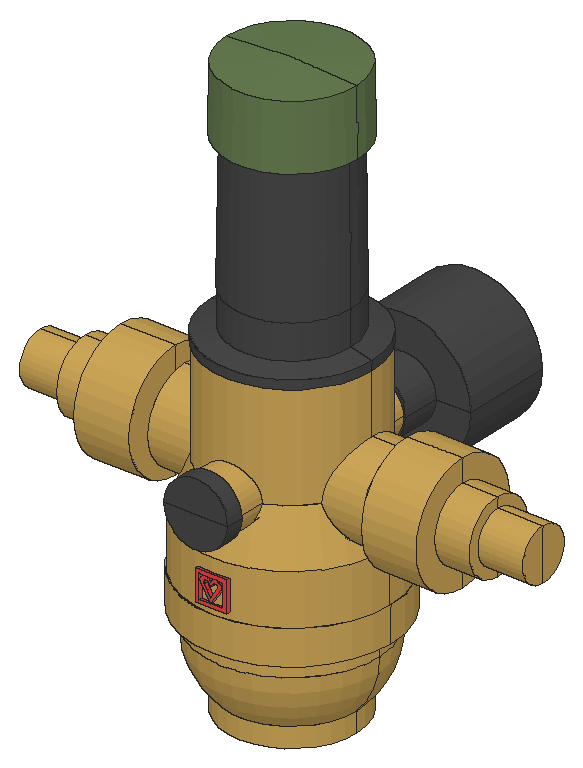
Revit family "HERZ Diaphragm Pressure Reducing Valve With Brass Cap 2682", category Rohrzubehör, Revit 2020
Family settings
  Bemaßung runder Anschluss = Durchmesser verwenden
  Teiletyp = Unterbricht
  OmniClass-Nummer = 23.65.55.14
  OmniClass-Titel = Valves for Liquid Services
  Arbeitsebenenbasiert = Nein
  Immer vertikal = Ja
  Beim Laden mit Abzugskörper schneiden = Nein
  Gemeinsam genutzt = Nein
Parameters (values of type "Manometer back")
  Vorgabe-Ansicht = 0.000 mm
  Part number [instance] = size_lookup("2682_M_", "Artnr", 0, Nennweite)  # 1268221
  Note = "Pursuant to Article 33 of the REACH Regulation (EC No. 1907/2006), we are obliged to point out that the material lead is listed on the SVHC list and that all brass components manufactured in our products exceed 0.1% (w / w) lead (CAS: 7439-92-1 / EINECS: 231-100-4).\r\nSince lead is a component part of an alloy, actual exposure is not possible and therefore no additional information on safe use is necessary."
  Max. operating temperature = 70 °C  # constant formula
  Factory settings = 300000.0 Pa  # constant formula
  W01 = 91.00°  # constant formula
  Vorne [instance] = no
  VRL03 [instance] = size_lookup("2682_M_", "VRL3", 1.000 mm, Nennweite)  # 23.500 mm
  VRL02 [instance] = size_lookup("2682_M_", "VRL2", 1.000 mm, Nennweite)  # 16.000 mm
  VRL01 [instance] = size_lookup("2682_M_", "VRL1", 1.000 mm, Nennweite)  # 73.500 mm
  VRD02 [instance] = size_lookup("2682_M_", "VRD2", 1.000 mm, Nennweite)  # 17.000 mm
  VRD01 [instance] = size_lookup("2682_M_", "VRD1", 1.000 mm, Nennweite)  # 10.500 mm
  VRAG [instance] = Nennweite / 2  # 7.500 mm
  URL = "www.herzvalves.com"
  Standard = "EN 1567"  # constant formula
  Spring = "spring steel"  # constant formula
  SC_NennweiteBerechnet = 0
  SC_Dimension = ""
  SCTWSEQ = "AW;SBT_TYP_AW=\"111\";2"
  SCTWCODE = "04;24;02"  # constant formula
  S02 = 10.000 mm  # constant formula
  S01 [instance] = VRD02 * 2  # 34.000 mm
  R07 [instance] = R05 + 0.800 mm  # 9.300 mm
  R06 = 19.500 mm  # constant formula
  R05 [instance] = size_lookup("2682_M_", "R5", 1.000 mm, Nennweite)  # 8.500 mm
  R04 [instance] = size_lookup("2682_M_", "R4", 1.000 mm, Nennweite)  # 18.900 mm
  R03 [instance] = size_lookup("2682_M_", "R3", 1.000 mm, Nennweite)  # 19.250 mm
  R02 [instance] = size_lookup("2682_M_", "R2", 1.000 mm, Nennweite)  # 28.750 mm
  R01 [instance] = size_lookup("2682_M_", "R1", 1.000 mm, Nennweite)  # 23.250 mm
  Upper part = "PA6.6"  # constant formula
  Nennweite [instance] = 15.000 mm
  Handle = "PA 6.6, green"  # constant formula
  Diaphragm = "EPDM"  # constant formula
  Medium = "water"  # constant formula
  Max. inlet pressure = 1600000.0 Pa  # constant formula
  Manometer scale = "0 - 10 bar"  # constant formula
  Pressure gauge connectors = "1/4\" F (ISO 228-1)"
  LO01 [instance] = H02 - 2.000 mm  # 27.000 mm
  L01 [instance] = size_lookup("2682_M_", "L1", 1.000 mm, Nennweite)  # 10.600 mm
  L00 [instance] = size_lookup("2682_M_", "L", 1.000 mm, Nennweite)  # 84.000 mm
  Bottom cover = "brass CW626N"  # constant formula
  Hinten [instance] = yes
  Hersteller = "HERZ Armaturen Ges.m.b.H."  # constant formula
  H12 [instance] = size_lookup("2682_M_", "H12", 1.000 mm, Nennweite)  # 5.800 mm
  H11 [instance] = size_lookup("2682_M_", "H11", 1.000 mm, Nennweite)  # 10.000 mm
  H10 [instance] = size_lookup("2682_M_", "H10", 1.000 mm, Nennweite)  # 37.000 mm
  H09 [instance] = H01 + H04 - H05  # 84.500 mm
  H08 [instance] = size_lookup("2682_M_", "H8", 1.000 mm, Nennweite)  # 20.000 mm
  H07 [instance] = size_lookup("2682_M_", "H7", 1.000 mm, Nennweite)  # 10.000 mm
  H06 [instance] = size_lookup("2682_M_", "H6", 1.000 mm, Nennweite)  # 2.500 mm
  H05 [instance] = size_lookup("2682_M_", "H5", 1.000 mm, Nennweite)  # 4.700 mm
  H04 [instance] = size_lookup("2682_M_", "H4", 1.000 mm, Nennweite)  # 58.700 mm
  H03 [instance] = D02 + 1.000 mm  # 14.220 mm
  H02 [instance] = size_lookup("2682_M_", "H2", 1.000 mm, Nennweite)  # 29.000 mm
  H01 [instance] = size_lookup("2682_M_", "H1", 1.000 mm, Nennweite)  # 30.500 mm
  GT1 [instance] = size_lookup("2682_M_", "GT1", 1.000 mm, Nennweite)  # 12.000 mm
  GT [instance] = size_lookup("2682_M_", "GT", 1.000 mm, Nennweite)  # 13.200 mm
  Filter = "stainless steel, mesh size 0.3 mm"  # constant formula
  Spring guide = "stainless steel"  # constant formula
  Outlet pressure range = "1.5 - 6 bar"  # constant formula
  Sealing = "EPDM"  # constant formula
  D09 [instance] = size_lookup("2682_M_", "D9", 1.000 mm, Nennweite)  # 19.000 mm
  D08 [instance] = size_lookup("2682_M_", "D8", 1.000 mm, Nennweite)  # 25.800 mm
  D07 [instance] = size_lookup("2682_M_", "D7", 1.000 mm, Nennweite)  # 29.000 mm
  D06 [instance] = size_lookup("2682_M_", "D6", 1.000 mm, Nennweite)  # 16.000 mm
  D05 [instance] = size_lookup("2682_M_", "D5", 1.000 mm, Nennweite)  # 16.800 mm
  D04 [instance] = size_lookup("2682_M_", "D4", 1.000 mm, Nennweite)  # 17.300 mm
  D03 [instance] = size_lookup("2682_M_", "D3", 1.000 mm, Nennweite)  # 23.500 mm
  D02 [instance] = size_lookup("2682_M_", "D2", 1.000 mm, Nennweite)  # 13.220 mm
  D01 [instance] = size_lookup("2682_M_", "D1", 1.000 mm, Nennweite)  # 9.525 mm
  Body = "forged brass acc. to EN 12165; CW626N"  # constant formula
  B03 = 5.000 mm  # constant formula
  B02 = 26.000 mm  # constant formula
  B01 [instance] = size_lookup("2682_M_", "B1", 1.000 mm, Nennweite)  # 30.000 mm
  B00 [instance] = size_lookup("2682_M_", "B", 1.000 mm, Nennweite)  # 67.000 mm
  External thread = "acc. to ISO 7-1 and ISO228"  # constant formula
  Application = "The pressure reducing valve protects installations against over pressure (reduces input pressure to a working level).\r\nIt can also be used in heating systems to protect boiler against increased pressure.\r\nThe outlet pressure is adjustable and does not vary with changes of the inlet pressure.\r\nThe outlet pressure can be adjusted by turning the green handle.\r\nTurning the handle clockwise increases the outlet pressure.\r\nTurning above the stated values on the pressure reducer scale may damage the valve.\r\nWe recommend the max. outlet pressure of 4 bar for private house installations (product long life, costs,...).\r\nAfter each new setting of the outlet pressure, the regulated pipe has to be opened and closed."
Types (3, lengths in mm): name | Vorne | Hinten
  (no name) | no | yes
  Manometer front | yes | no
  Manometer back | no | yes
Reference planes
  plane 1 "Mitte (Vorne/hinten)": y = 0
  plane 2: z = 0
  plane 3 "Mitte (Links/rechts)": x = 0
Forms (mm)
  Revolve 1, solid, material "Messing, weicher Gelbton, geschweißt", detail levels fine
    sketch origin (0, 0, 0) x (1, 0, 0) y (0, 0, 1)
      loop
        line (-42, 0) -> (42, 0) -> (42, 9.525) -> (31.4, 9.525) -> (31.4, 13.22) -> (-31.4, 13.22) -> (-31.4, 9.525) -> (-42, 9.525) -> (-42, 0)
      axis (-42, 0) -> (42, 0)
    angle from 0 to 360
  Revolve 2, solid, material "Messing, weicher Gelbton, geschweißt", detail levels fine
    sketch origin (0, 0, 0) x (1, 0, 0) y (0, 0, 1)
      loop
        line (0, -29) -> (28.75, -29) -> (28.75, -14.22) -> (23.25, 0) -> (23.25, 30.5) -> (0, 30.5) -> (0, -29)
      axis (0, 30.5) -> (0, -29)
    angle from 0 to 360
  Revolve 3, solid, material "Acetalharz, Schwarz", detail levels fine
    sketch origin (0, 0, 0) x (1, 0, 0) y (0, 0, 1)
      loop
        line (0, 30.5) -> (0, 89.2) -> (-16, 89.2) -> (-16, 84.5) -> (-16.8, 84.5) -> (-17.3, 44.5) -> (-17.3, 34.5) -> (-23.5, 33) -> (-23.5, 30.5) -> (0, 30.5)
      axis (0, 89.2) -> (0, 30.5)
    angle from 0 to 360
  Revolve 4, solid, material "Kunststoff GRÜN", detail levels fine
    sketch origin (0, 0, 0) x (1, 0, 0) y (0, 0, 1)
      loop
        line (0, 84.5) -> (19.25, 84.5) -> (18.9, 103.392)
        arc (18.9, 103.392) -> (9.466, 104.223) -> (0, 104.5) r 161.794
        line (0, 104.5) -> (0, 84.5)
      axis (0, 104.5) -> (0, 84.5)
    angle from 0 to 360
  Revolve 5, solid, material "Messing, weicher Gelbton, geschweißt", detail levels fine
    sketch origin (0, 0, 0) x (1, 0, 0) y (0, 0, 1)
      loop
        line (0, -29) -> (0, -66) -> (19, -66) -> (19, -60.2)
        arc (19, -60.2) -> (24.034, -52.577) -> (25.8, -43.615) r 23.626
        line (25.8, -43.615) -> (25.8, -39) -> (29, -39) -> (29, -29) -> (0, -29)
      axis (0, -29) -> (0, -66)
    angle from 0 to 360
  Revolve 6, solid, material "Messing, weicher Gelbton, geschweißt", detail levels fine
    sketch origin (0, 0, 0) x (1, 0, 0) y (0, 0, 1)
      loop
        line (34, 9.525) -> (46, 9.525) -> (46, 0) -> (73.5, 0) -> (73.5, 7.5) -> (60.3, 7.5) -> (60.3, 10.5) -> (50, 10.5) -> (50, 17) -> (34, 17) -> (34, 9.525)
      loop
        line (-34, 9.525) -> (-34, 17) -> (-50, 17) -> (-50, 10.5) -> (-60.3, 10.5) -> (-60.3, 7.5) -> (-73.5, 7.5) -> (-73.5, 0) -> (-46, 0) -> (-46, 9.525) -> (-34, 9.525)
      axis (-73.5, 0) -> (73.5, 0)
    angle from 0 to 360
  Revolve 7, solid, material "Messing, weicher Gelbton, geschweißt", detail levels fine
    sketch origin (0, 0, 0) x (1, 0, 0) y (0, 1, 0)
      loop
        line (0, 30) -> (0, -30) -> (8.5, -30) -> (8.5, 30) -> (0, 30)
      axis (0, 30) -> (0, -30)
    angle from 0 to 360
  Revolve 8, solid, material "Acetalharz, Schwarz", visible <- "Vorne", detail levels fine
    sketch origin (0, 0, 0) x (1, 0, 0) y (0, 1, 0)
      loop
        line (0, -30) -> (0, -65) -> (17.5, -65) -> (17.5, -67) -> (19.5, -67) -> (19.5, -41) -> (9.3, -41) -> (9.3, -30) -> (0, -30)
      axis (0, -30) -> (0, -67)
    angle from 0 to 360
  Revolve 9, solid, material "Acetalharz, Schwarz", visible <- "Vorne", detail levels fine
    sketch origin (0, 0, 0) x (1, 0, 0) y (0, 1, 0)
      loop
        line (0, 30) -> (9.3, 30) -> (9.3, 35) -> (0, 35) -> (0, 30)
      axis (0, 35) -> (0, 30)
    angle from 0 to 360
  Revolve 10, solid, material "Acetalharz, Schwarz", visible <- "Hinten", detail levels fine
    sketch origin (0, 0, 0) x (1, 0, 0) y (0, -1, 0)
      loop
        line (0, 30) -> (9.3, 30) -> (9.3, 35) -> (0, 35) -> (0, 30)
      axis (0, 35) -> (0, 30)
    angle from 0 to 360
  Revolve 11, solid, material "Acetalharz, Weiß", visible <- "Vorne", detail levels fine
    sketch origin (0, 0, 0) x (1, 0, 0) y (0, 1, 0)
      loop
        line (0, -65) -> (0, -66.5) -> (17.5, -66.5) -> (17.5, -65) -> (0, -65)
      axis (0, -65) -> (0, -66.5)
    angle from 0 to 360
  Revolve 12, solid, material "Acetalharz, Schwarz", visible <- "Hinten", detail levels fine
    sketch origin (0, 0, 0) x (1, 0, 0) y (0, -1, 0)
      loop
        line (0, -30) -> (0, -65) -> (17.5, -65) -> (17.5, -67) -> (19.5, -67) -> (19.5, -41) -> (9.3, -41) -> (9.3, -30) -> (0, -30)
      axis (0, -30) -> (0, -67)
    angle from 0 to 360
  Revolve 13, solid, material "Acetalharz, Weiß", visible <- "Hinten", detail levels fine
    sketch origin (0, 0, 0) x (1, 0, 0) y (0, -1, 0)
      loop
        line (0, -65) -> (0, -66.5) -> (17.5, -66.5) -> (17.5, -65) -> (0, -65)
      axis (0, -65) -> (0, -66.5)
    angle from 0 to 360
Lines and regions (mm)
  model lines, detail levels coarse+medium
    curve 1: line (-42, 0, -17) -> (-42, 0, 17)
    curve 2: line (-42, 0, 17) -> (42, 0, -34)
    curve 3: line (42, 0, -34) -> (42, 0, 34)
    curve 4: line (42, 0, 34) -> (-42, 0, -17)
    curve 5: line (-42, 0, 17) -> (-52, 0, 17)
    curve 6: line (-52, 0, 17) -> (-42, 0, 0)
    curve 7: line (-42, 0, -17) -> (-52, 0, -17)
    curve 8: line (-52, 0, -17) -> (-42, 0, 0)
    curve 9: line (-42, 0, 0) -> (-73.5, 0, 0)
    curve 10: line (42, 0, 17) -> (52, 0, 17)
    curve 11: line (52, 0, 17) -> (42, 0, 0)
    curve 12: line (42, 0, -17) -> (52, 0, -17)
    curve 13: line (52, 0, -17) -> (42, 0, 0)
    curve 14: line (42, 0, 0) -> (73.5, 0, 0)
    curve 15: line (-42, -17, 0) -> (-42, 17, 0)
    curve 16: line (-42, 17, 0) -> (42, -34, 0)
    curve 17: line (42, -34, 0) -> (42, 34, 0)
    curve 18: line (42, 34, 0) -> (-42, -17, 0)
    curve 19: line (-42, 17, 0) -> (-52, 17, 0)
    curve 20: line (-52, 17, 0) -> (-42, 0, 0)
    curve 21: line (-42, -17, 0) -> (-52, -17, 0)
    curve 22: line (-52, -17, 0) -> (-42, 0, 0)
    curve 23: line (42, 0, -17) -> (42, 0, 17)
    curve 24: line (42, 0, 17) -> (52, 0, 17)
    curve 25: line (52, 0, 17) -> (42, 0, 0)
    curve 26: line (42, 17, 0) -> (52, 17, 0)
    curve 27: line (52, 17, 0) -> (42, 0, 0)
    curve 28: line (42, -17, 0) -> (52, -17, 0)
    curve 29: line (52, -17, 0) -> (42, 0, 0)
Dimensions and locks
  equal spacing: Revolve 1 sketch curve, plane 3 "Mitte (Links/rechts)", Revolve 1 sketch curve
  "L00": Revolve 1 sketch curve to Revolve 1 sketch curve
  "L01": Revolve 1 sketch curve to Revolve 1 sketch curve  (x2)
  "D01": Revolve 1 sketch curve to Revolve 1 sketch curve  (x2)
  "D02": Revolve 1 sketch curve to plane 2
  "R01": Revolve 2 sketch curve to Revolve 2 sketch curve
  "R02": Revolve 2 sketch curve to Revolve 2 sketch curve
  "H01": Revolve 2 sketch curve to plane 2
  "H02": plane 2 to Revolve 2 sketch curve
  "H03": plane 2 to Revolve 2 sketch curve
  "H01": Revolve 3 sketch curve to plane 2
  "H04": Revolve 3 sketch curve to Revolve 3 sketch curve
  "H05": Revolve 3 sketch curve to Revolve 3 sketch curve
  "H06": Revolve 3 sketch curve to Revolve 3 sketch curve
  "H07": Revolve 3 sketch curve to Revolve 3 sketch curve
  "D03": Revolve 3 sketch curve to Revolve 3 sketch curve
  "D04": Revolve 3 sketch curve to Revolve 3 sketch curve
  "D05": Revolve 3 sketch curve to Revolve 3 sketch curve
  "D06": Revolve 3 sketch curve to Revolve 3 sketch curve
  "R03": Revolve 4 sketch curve to Revolve 4 sketch curve
  "H08": Revolve 4 sketch curve to Revolve 4 sketch curve
  "R04": Revolve 4 sketch curve to plane 3 "Mitte (Links/rechts)"
  "H09": Revolve 4 sketch curve to plane 2
  "H10": Revolve 5 sketch curve to Revolve 5 sketch curve
  "H02": plane 2 to Revolve 5 sketch curve
  "D07": Revolve 5 sketch curve to Revolve 5 sketch curve
  "H11": Revolve 5 sketch curve to Revolve 5 sketch curve
  "D08": Revolve 5 sketch curve to Revolve 5 sketch curve
  "H12": Revolve 5 sketch curve to Revolve 5 sketch curve
  "D09": Revolve 5 sketch curve to Revolve 5 sketch curve
  "VRL02": Revolve 6 sketch curve to Revolve 6 sketch curve  (x2)
  "VRL01": Revolve 6 sketch curve to plane 3 "Mitte (Links/rechts)"
  "GT": Revolve 6 sketch curve to Revolve 6 sketch curve  (x2)
  "VRL03": Revolve 6 sketch curve to Revolve 6 sketch curve  (x2)
  "D01": Revolve 6 sketch curve to plane 2  (x2)
  "GT1": Revolve 6 sketch curve to Revolve 6 sketch curve  (x2)
  "VRAG": Revolve 6 sketch curve to plane 2  (x2)
  "VRD01": Revolve 6 sketch curve to plane 2  (x2)
  "VRD02": Revolve 6 sketch curve to Revolve 6 sketch curve  (x2)
  "VRL01": plane 3 "Mitte (Links/rechts)" to Revolve 6 sketch curve
  "B01": Revolve 7 sketch curve to plane 1 "Mitte (Vorne/hinten)" to Revolve 7 sketch curve
  "R05": Revolve 7 sketch curve to Revolve 7 sketch curve
  "B00": Revolve 8 sketch curve to plane 1 "Mitte (Vorne/hinten)"
  "B01": plane 1 "Mitte (Vorne/hinten)" to Revolve 8 sketch curve
  "B02": Revolve 8 sketch curve to Revolve 8 sketch curve
  "R06": Revolve 8 sketch curve to Revolve 8 sketch curve
  "R07": Revolve 8 sketch curve to Revolve 8 sketch curve
  "R02": nested 1 to plane 1 "Mitte (Vorne/hinten)"
  "LO01": plane 2 to nested 1
  "VRD02": curve 2 to plane 2 to curve 4
  "S01": curve 4 to plane 2 to curve 3
  equal spacing: curve 3, plane 3 "Mitte (Links/rechts)", curve 1
  "L00": curve 3 to curve 1
  "S02": curve 1 to curve 6
  "S02": curve 1 to curve 8
  "VRL01": plane 3 "Mitte (Links/rechts)" to curve 9
  "S02": curve 11 to curve 3
  "S02": curve 13 to curve 3
  "VRL01": curve 14 to plane 3 "Mitte (Links/rechts)"
  "VRD02": curve 10 to plane 2 to curve 12
  equal spacing: curve 15, plane 3 "Mitte (Links/rechts)", curve 17
  "L00": curve 15 to curve 17
  "VRD02": curve 18 to plane 1 "Mitte (Vorne/hinten)" to curve 16
  "S01": curve 17 to plane 1 "Mitte (Vorne/hinten)" to curve 18
  "S02": curve 20 to curve 15
  "S02": curve 22 to curve 15
  "S02": curve 17 to curve 27
  "S02": curve 17 to curve 29
  "VRD02": curve 28 to plane 1 "Mitte (Vorne/hinten)" to curve 26
  "R07": Revolve 9 sketch curve to Revolve 9 sketch curve
  "B03": Revolve 9 sketch curve to Revolve 9 sketch curve
  "B01": plane 1 "Mitte (Vorne/hinten)" to Revolve 9 sketch curve
  "R07": Revolve 10 sketch curve to Revolve 10 sketch curve
  "B03": Revolve 10 sketch curve to Revolve 10 sketch curve
  "B01": Revolve 10 sketch curve to plane 1 "Mitte (Vorne/hinten)"
  "B02": Revolve 12 sketch curve to Revolve 12 sketch curve
  "R06": Revolve 12 sketch curve to Revolve 12 sketch curve
  "R07": Revolve 12 sketch curve to Revolve 12 sketch curve
  aligned and locked: level to plane 2
Automatic sketch dimensions
  Revolve 11 sketch curve to plane 3 "Mitte (Links/rechts)" = 0.000 mm  (x2)
  plane 3 "Mitte (Links/rechts)" to Revolve 11 sketch curve = 17.500 mm
  plane 1 "Mitte (Vorne/hinten)" to Revolve 11 sketch curve = 66.500 mm
  Revolve 11 sketch curve to Revolve 11 sketch curve = 1.500 mm
  Revolve 11 sketch curve to Revolve 11 sketch curve = 1933.500 mm
  Revolve 11 sketch curve to plane 1 "Mitte (Vorne/hinten)" = 2000.000 mm
  Revolve 13 sketch curve to plane 3 "Mitte (Links/rechts)" = 0.000 mm  (x2)
  Revolve 13 sketch curve to plane 3 "Mitte (Links/rechts)" = 17.500 mm
  plane 1 "Mitte (Vorne/hinten)" to Revolve 13 sketch curve = 66.500 mm
  Revolve 13 sketch curve to Revolve 13 sketch curve = 1.500 mm
  Revolve 13 sketch curve to Revolve 13 sketch curve = 1933.500 mm
  Revolve 13 sketch curve to plane 1 "Mitte (Vorne/hinten)" = 2000.000 mm
  curve 25 to level = 0.000 mm
  curve 14 to level = 0.000 mm
  curve 6 to level = 0.000 mm
  curve 8 to level = 0.000 mm
  curve 24 to curve 10 = 0.000 mm
  plane 1 "Mitte (Vorne/hinten)" to curve 29 = 0.000 mm
  plane 1 "Mitte (Vorne/hinten)" to curve 20 = 0.000 mm
  Revolve 1 sketch curve to level = 0.000 mm  (x2)
  Revolve 1 sketch curve to Revolve 1 sketch curve = 1464.530 mm
  Revolve 1 sketch curve to Revolve 1 sketch curve = 1797.148 mm
  Revolve 2 sketch curve to plane 3 "Mitte (Links/rechts)" = 0.000 mm  (x2)
  Revolve 2 sketch curve to level = 0.000 mm
  Revolve 2 sketch curve to Revolve 2 sketch curve = 337.045 mm
  Revolve 2 sketch curve to Revolve 2 sketch curve = 2183.815 mm
  Revolve 3 sketch curve to plane 3 "Mitte (Links/rechts)" = 0.000 mm  (x2)
  Revolve 3 sketch curve to Revolve 3 sketch curve = 1.500 mm
  Revolve 3 sketch curve to level = 366.045 mm
  Revolve 3 sketch curve to Revolve 3 sketch curve = 2125.115 mm
  Revolve 4 sketch curve to plane 3 "Mitte (Links/rechts)" = 0.000 mm  (x2)
  Revolve 4 sketch curve to level = 57.294 mm
  Revolve 4 sketch curve to Revolve 4 sketch curve = 308.751 mm
  Revolve 4 sketch curve to Revolve 4 sketch curve = 2109.815 mm
  Revolve 5 sketch curve to plane 3 "Mitte (Links/rechts)" = 0.000 mm  (x2)
  plane 3 "Mitte (Links/rechts)" to Revolve 5 sketch curve = 2.174 mm
  Revolve 5 sketch curve to Revolve 5 sketch curve = 300.045 mm
  level to Revolve 5 sketch curve = 2214.315 mm
  Revolve 6 sketch curve to level = 0.000 mm  (x3)
  Revolve 6 sketch curve to Revolve 6 sketch curve = 1433.030 mm
  Revolve 6 sketch curve to Revolve 6 sketch curve = 1765.648 mm
  Revolve 7 sketch curve to plane 3 "Mitte (Links/rechts)" = 0.000 mm  (x2)
  Revolve 7 sketch curve to Revolve 7 sketch curve = 1950.000 mm  (x2)
  Revolve 8 sketch curve to plane 3 "Mitte (Links/rechts)" = 0.000 mm  (x2)
  Revolve 8 sketch curve to Revolve 8 sketch curve = 2.000 mm  (x2)
  Revolve 8 sketch curve to Revolve 8 sketch curve = 1936.000 mm
  Revolve 8 sketch curve to plane 1 "Mitte (Vorne/hinten)" = 2000.000 mm
  Revolve 9 sketch curve to plane 3 "Mitte (Links/rechts)" = 0.000 mm  (x2)
  plane 1 "Mitte (Vorne/hinten)" to Revolve 9 sketch curve = 2000.000 mm
  Revolve 9 sketch curve to Revolve 9 sketch curve = 1963.669 mm
  Revolve 10 sketch curve to plane 3 "Mitte (Links/rechts)" = 0.000 mm  (x2)
  plane 1 "Mitte (Vorne/hinten)" to Revolve 10 sketch curve = 2000.000 mm
  Revolve 10 sketch curve to Revolve 10 sketch curve = 1963.669 mm
  Revolve 12 sketch curve to plane 3 "Mitte (Links/rechts)" = 0.000 mm  (x2)
  Revolve 12 sketch curve to Revolve 12 sketch curve = 2.000 mm  (x2)
  plane 1 "Mitte (Vorne/hinten)" to Revolve 12 sketch curve = 67.000 mm
  Revolve 12 sketch curve to Revolve 12 sketch curve = 11.000 mm
  Revolve 12 sketch curve to Revolve 12 sketch curve = 1936.000 mm
  Revolve 12 sketch curve to plane 1 "Mitte (Vorne/hinten)" = 2000.000 mm
Nested families
  nested 1: "Herz-Logo-vorne" at (0, -28.75, -22.5) x (0, 1, 0) z (0, 0, 1), type "Herz-Logo-vorne", detail levels fine
Connectors
  piping at (73.5, 0, 0), diameter 15, driven by "Nennweite"
    settings: on Revolve 6, index 1, connector inside diameter 609.6 mm, connector length 0.000 mm, flow factor 0, pipe flow 0.0 L/s, pressure drop 0.0 Pa, fitting loss kfactor 0, connector angle 0.00°, fixture units 0, engagement length 0.000 mm, angle of deflection 0.00°, flow configuration 0, flow direction 2, fitting loss method 0, system type 29, joint type 0, gender type 0, connector reference index -1, connector utility 0, adjustable connector no, is connector primary yes, connector description ""
  piping at (-73.5, 0, 0), diameter 15, driven by "Nennweite"
    settings: on Revolve 6, index 2, connector inside diameter 609.6 mm, connector length 0.000 mm, flow factor 0, pipe flow 0.0 L/s, pressure drop 0.0 Pa, fitting loss kfactor 0, connector angle 0.00°, fixture units 0, engagement length 0.000 mm, angle of deflection 0.00°, flow configuration 0, flow direction 1, fitting loss method 0, system type 29, joint type 0, gender type 0, connector reference index -1, connector utility 0, adjustable connector no, is connector primary no, connector description ""
Definition of nested family "Herz-Logo-vorne"
  Parameters (values of type "Herz-Logo-vorne")
    Default Elevation = 0.000 mm
  Reference planes
    plane 1 "Mitte (Vorne/hinten)": y = 0
    plane 2: z = 0
    plane 3 "Mitte (Links/rechts)": x = 0
  Forms (mm)
    Extrusion 1, solid
      sketch origin (0.732, -0.018, 0.017) x (0, -1, 0) y (0, 0, 1)
        loop
          line (-0.018, -4.517) -> (4.482, -4.517) -> (4.482, 4.483) -> (-4.518, 4.483) -> (-4.518, -4.517) -> (-0.018, -4.517)
        loop
          line (-0.05, -3.48) -> (3.482, -3.48) -> (3.482, 3.483) -> (-3.518, 3.483) -> (-3.518, -3.48) -> (-0.05, -3.48)
        loop
          arc (-0.018, 2.383) -> (-1.543, 3.287) -> (-3.067, 2.383) r 1.738
          arc (-3.067, 2.383) -> (-3.191, 1.899) -> (-3.067, 1.415) r 1.009
          line (-3.067, 1.415) -> (-0.018, -3.281) -> (3.032, 1.415)
          arc (3.032, 1.415) -> (3.156, 1.899) -> (3.032, 2.383) r 1.009
          arc (3.032, 2.383) -> (1.507, 3.287) -> (-0.018, 2.383) r 1.738
        loop
          arc (1.885, 1.272) -> (2.005, 1.675) -> (1.885, 2.079) r 0.74
          arc (1.885, 2.079) -> (1.265, 2.416) -> (0.644, 2.079) r 0.74
          line (0.644, 2.079) -> (-0.018, 0.97) -> (-0.679, 2.079)
          arc (-0.679, 2.079) -> (-1.3, 2.416) -> (-1.921, 2.079) r 0.74
          arc (-1.921, 2.079) -> (-2.04, 1.675) -> (-1.921, 1.272) r 0.74
          line (-1.921, 1.272) -> (-0.018, -1.658) -> (1.885, 1.272)
      from 0 to 1.5
  Dimensions and locks
    aligned and locked: level to plane 2
